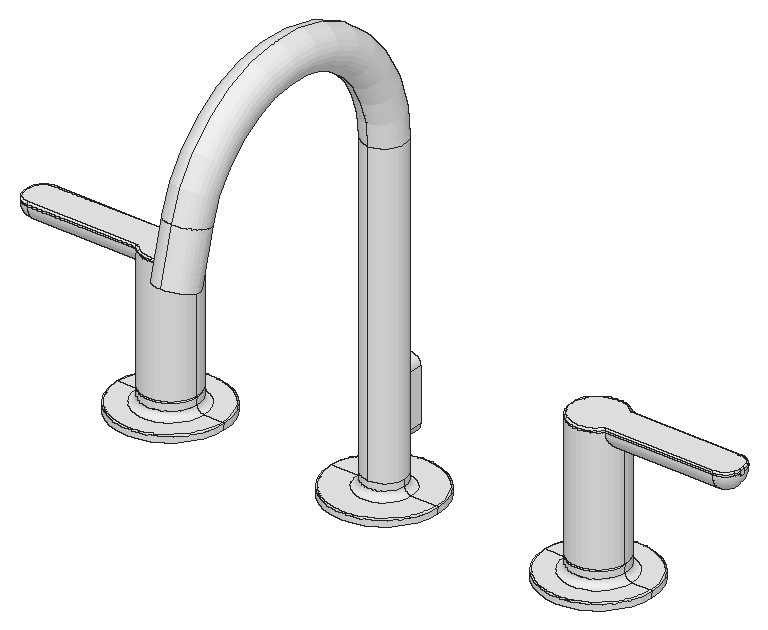
Revit family "xFaucet-Two_Handle-American_Standard-Studio_S-7105.8X1_Series", category Plumbing Fixtures, Revit 2014
Parameters (values of type "7105.801")
  Width = 4 7/8"  # constant formula
  Waste Connection = yes
  Warranty Information = "Limited Lifetime Function and Finish Warranty"  # constant formula
  WFU = 2  # constant formula
  Vent Connection = yes
  URL = "https://www.americanstandard-us.com/"
  Specification = "Two-handle widespread lavatory faucet shall feature cast brass valve bodies with flexible hose connections for 6\" to 12\" installations. Shall also feature 1/4 turn washerless ceramic disc valve cartridges. Shall also feature a metal drain body with stainless steel cable actuation."
  Product Page URL = "https://www.americanstandard-us.com/bathroom/bathroom-sink-faucets/studio-s-widespread-bathroom-faucet-31966"
  Product Documentation Link = "https://www.americanstandard-us.com/-/media/sites/asus/files/product-specs/bathroom-sink-faucets/2017/specsheet-7105801-7105821.pdf?la=en"
  Price = "Prices may vary. Please consult Manufacturer Representative for most up-to-date price list."  # constant formula
  Model = "7105.801"
  Material = "Brass-American Standard-002-Polished Chrome"
  Manufacturer = "American Standard"  # constant formula
  Lever Handles = yes
  Length = 8"
  Knob Handles = no
  Installation Type = "Deck Mounted"  # constant formula
  Hot Water Connection Radius = 1/4"  # constant formula
  Hot Water Connection Diameter = Hot Water Connection Radius * 2  # 1/2"
  Height = 8 11/16"  # constant formula
  HWFU = 1.5  # constant formula
  HW Connection = no
  Flow Rate = "1.2 gpm/ 4.5 L/min."  # constant formula
  Finish = Brass-American Standard-002-Polished Chrome
  Description = "Studio S Two-Handle Widespread Lavatory Faucet. Metal Speed Connect® pop-up drain. Metal lever handles."
  Default Elevation = 0"
  Creation Date = "01/03/2018"  # constant formula
  Cold Water Connection Radius = 1/4"  # constant formula
  Cold Water Connection Diameter = Cold Water Connection Radius * 2  # 1/2"
  CWFU = 1.5  # constant formula
  CW Connection = yes
  Assembly Code = "D2020300"
  ADA Compliant = yes
Types (3): name | Product Page URL | Model | Lever Handles | Knob Handles | Description
  (no name) | "https://www.americanstandard-us.com/bathroom/bathroom-sink-faucets/studio-s-widespread-bathroom-faucet-31966" | "7105.801" | yes | no | "Studio S Two-Handle Widespread Lavatory Faucet. Metal Speed Connect® pop-up drain. Metal lever handles."
  7105.801 | "https://www.americanstandard-us.com/bathroom/bathroom-sink-faucets/studio-s-widespread-bathroom-faucet-31966" | "7105.801" | yes | no | "Studio S Two-Handle Widespread Lavatory Faucet. Metal Speed Connect® pop-up drain. Metal lever handles."
  7105.821 | "https://www.americanstandard-us.com/bathroom/bathroom-sink-faucets/studio-s-widespread-bathroom-faucet-31969" | "7105.821" | no | yes | "Studio S Two-Handle Widespread Lavatory Faucet. Metal Speed Connect® pop-up drain. Metal knob handles."
Reference planes (in)
  plane 1 "Center (Front/Back)": y = 0
  plane 2: z = 0
  plane 3 "Center (Left/Right)": x = 0
  plane 4: x = 4
  plane 5: x = -4
  plane 6: y = -4.875
  plane 7: z = 8.6875
  plane 8: z = 5.5625
  plane 9: x = -1
  plane 10: x = 1
  plane 11: x = 6.6875
  plane 12: x = -6.6875
  plane 13: z = 2.75498
  plane 14: z = 2.07971
  plane 15: z = 0.77461
Forms (in)
  Sweep 1, solid, material "Brass-American Standard-002-Polished Chrome" <- "Finish"
    path origin (0, 0, 0) x (0, 1, 0) y (0, 0, 1)
      loop
        line (0, 0.375) -> (0, 5.97193)
        arc (0, 5.97193) -> (-2.03574, 8.29325) -> (-4.60292, 6.57792) r 2.34135
        line (-4.60292, 6.57792) -> (-4.86174, 5.61199)
    profile origin (0, 0, 3.17347) x (0, -1, 0) y (1, 0, 0)
      loop
        circle (0, 0) r 0.37586
  Revolve 2, solid, material "Brass-American Standard-002-Polished Chrome" <- "Finish"
    sketch origin (0, 0, 0) x (1, 0, 0) y (0, 0, 1)
      loop
        line (1, 0) -> (1, 0.10498)
        arc (1, 0.10498) -> (0.99414, 0.11914) -> (0.97998, 0.125) r 0.02002
        line (0.97998, 0.125) -> (0.50076, 0.125)
        arc (0.50076, 0.125) -> (0.41244, 0.16158) -> (0.37586, 0.24989) r 0.12489
        line (0.37586, 0.24989) -> (0.37586, 0.375) -> (0, 0.375) -> (0, 0) -> (1, 0)
      axis (0, 0.375) -> (0, 0)
    angle from 0 to 360
  Revolve 3, solid, material "Brass-American Standard-002-Polished Chrome" <- "Finish", visible <- "Lever Handles"
    sketch origin (4, 0, 0) x (1, 0, 0) y (0, 0, 1)
      loop
        line (1, 0) -> (1, 0.10498)
        arc (1, 0.10498) -> (0.99414, 0.11914) -> (0.97998, 0.125) r 0.02002
        line (0.97998, 0.125) -> (0.62576, 0.125)
        arc (0.62576, 0.125) -> (0.53744, 0.16158) -> (0.50086, 0.24989) r 0.12489
        line (0.50086, 0.24989) -> (0.50086, 0.375) -> (0.3919, 0.375) -> (0.3919, 0.40642) -> (0.50086, 0.40642) -> (0.50086, 2.69722) -> (0, 2.69722) -> (0, 0) -> (1, 0)
      axis (0, 2.69722) -> (0, 0)
    angle from 0 to 360
  Sweep 4, solid, material "Brass-American Standard-002-Polished Chrome" <- "Finish", visible <- "Lever Handles"
    path origin (0, 0, 0) x (1, 0, 0) y (0, 1, 0)
      loop
        line (4.37698, -0.32978) -> (6.40336, -0.32978)
        arc (6.40336, -0.32978) -> (6.55805, -0.28396) -> (6.66283, -0.1613) r 0.28404
        arc (6.66283, -0.1613) -> (6.68119, -0.10481) -> (6.6874, -0.04574) r 0.28404
        line (6.6874, -0.04574) -> (6.6874, 0.04574)
        arc (6.6874, 0.04574) -> (6.68119, 0.10481) -> (6.66283, 0.1613) r 0.28404
        arc (6.66283, 0.1613) -> (6.55805, 0.28396) -> (6.40336, 0.32978) r 0.28404
        line (6.40336, 0.32978) -> (4.37698, 0.32978)
        arc (4.37698, 0.32978) -> (3.82386, 0.46887) -> (3.49914, 0) r 0.50086
        arc (3.49914, 0) -> (3.82386, -0.46887) -> (4.37698, -0.32978) r 0.50086
    profile origin (5.39017, -0.32978, 0) x (0, 1, 0) y (0, 0, 1)
      loop
        line (0, 2.69722) -> (0.05828, 2.69722) -> (0.05828, 2.75498) -> (0.02478, 2.75498)
        arc (0.02478, 2.75498) -> (0.00726, 2.74772) -> (0, 2.73021) r 0.02478
        line (0, 2.73021) -> (0, 2.69722)
  Extrusion 5, solid, material "Brass-American Standard-002-Polished Chrome" <- "Finish", visible <- "Lever Handles"
    sketch origin (0, 0, -0.03125) x (1, 0, 0) y (0, 1, 0)
      loop
        arc (4.34952, 0.27149) -> (3.55742, 0) -> (4.34952, -0.27149) r 0.44258
        line (4.34952, -0.27149) -> (6.40336, -0.27149)
        arc (6.40336, -0.27149) -> (6.52631, -0.23508) -> (6.60959, -0.13759) r 0.22575
        arc (6.60959, -0.13759) -> (6.62418, -0.09269) -> (6.62912, -0.04574) r 0.22575
        line (6.62912, -0.04574) -> (6.62912, 0.04574)
        arc (6.62912, 0.04574) -> (6.62418, 0.09269) -> (6.60959, 0.13759) r 0.22575
        arc (6.60959, 0.13759) -> (6.52631, 0.23508) -> (6.40336, 0.27149) r 0.22575
        line (6.40336, 0.27149) -> (4.34952, 0.27149)
    from 2.72847 to 2.78623
  Revolve 6, solid, material "Brass-American Standard-002-Polished Chrome" <- "Finish", visible <- "Lever Handles"
    sketch origin (0, 0, -0.24223) x (1, 0, 0) y (0, 0, 1)
      loop
        arc (6.40336, 2.60968) -> (6.60421, 2.69287) -> (6.6874, 2.89372) r 0.28404
        line (6.6874, 2.89372) -> (6.6874, 2.93946) -> (4, 2.93946) -> (4, 2.60968) -> (6.40336, 2.60968)
      axis (4, 2.93946) -> (6.6874, 2.93946)
    angle from 90 to -90
  Revolve 7, solid, material "Brass-American Standard-002-Polished Chrome" <- "Finish", visible <- "Lever Handles"
    sketch origin (-4, 0, 0) x (-1, 0, 0) y (0, 0, 1)
      loop
        line (1, 0) -> (1, 0.10498)
        arc (1, 0.10498) -> (0.99414, 0.11914) -> (0.97998, 0.125) r 0.02002
        line (0.97998, 0.125) -> (0.62576, 0.125)
        arc (0.62576, 0.125) -> (0.53744, 0.16158) -> (0.50086, 0.24989) r 0.12489
        line (0.50086, 0.24989) -> (0.50086, 0.375) -> (0.3919, 0.375) -> (0.3919, 0.40642) -> (0.50086, 0.40642) -> (0.50086, 2.69722) -> (0, 2.69722) -> (0, 0) -> (1, 0)
      axis (0, 2.69722) -> (0, 0)
    angle from 0 to 360
  Sweep 8, solid, material "Brass-American Standard-002-Polished Chrome" <- "Finish", visible <- "Lever Handles"
    path origin (0, 0, 0) x (-1, 0, 0) y (0, 1, 0)
      loop
        line (4.37698, -0.32978) -> (6.40336, -0.32978)
        arc (6.40336, -0.32978) -> (6.55805, -0.28396) -> (6.66283, -0.1613) r 0.28404
        arc (6.66283, -0.1613) -> (6.68119, -0.10481) -> (6.6874, -0.04574) r 0.28404
        line (6.6874, -0.04574) -> (6.6874, 0.04574)
        arc (6.6874, 0.04574) -> (6.68119, 0.10481) -> (6.66283, 0.1613) r 0.28404
        arc (6.66283, 0.1613) -> (6.55805, 0.28396) -> (6.40336, 0.32978) r 0.28404
        line (6.40336, 0.32978) -> (4.37698, 0.32978)
        arc (4.37698, 0.32978) -> (3.82386, 0.46887) -> (3.49914, 0) r 0.50086
        arc (3.49914, 0) -> (3.82386, -0.46887) -> (4.37698, -0.32978) r 0.50086
    profile origin (-5.39017, -0.32978, 0) x (0, -1, 0) y (0, 0, 1)
      loop
        line (0, 2.69722) -> (0, 2.73021)
        arc (0, 2.73021) -> (-0.00726, 2.74772) -> (-0.02478, 2.75498) r 0.02478
        line (-0.02478, 2.75498) -> (-0.05828, 2.75498) -> (-0.05828, 2.69722) -> (0, 2.69722)
  Extrusion 9, solid, material "Brass-American Standard-002-Polished Chrome" <- "Finish", visible <- "Lever Handles"
    sketch origin (0, 0, -0.03125) x (-1, 0, 0) y (0, -1, 0)
      loop
        line (4.34952, -0.27149) -> (6.40336, -0.27149)
        arc (6.40336, -0.27149) -> (6.52631, -0.23508) -> (6.60959, -0.13759) r 0.22575
        arc (6.60959, -0.13759) -> (6.62418, -0.09269) -> (6.62912, -0.04574) r 0.22575
        line (6.62912, -0.04574) -> (6.62912, 0.04574)
        arc (6.62912, 0.04574) -> (6.62418, 0.09269) -> (6.60959, 0.13759) r 0.22575
        arc (6.60959, 0.13759) -> (6.52631, 0.23508) -> (6.40336, 0.27149) r 0.22575
        line (6.40336, 0.27149) -> (4.34952, 0.27149)
        arc (4.34952, 0.27149) -> (3.55742, 0) -> (4.34952, -0.27149) r 0.44258
    from 2.72847 to 2.78623
  Revolve 10, solid, material "Brass-American Standard-002-Polished Chrome" <- "Finish", visible <- "Lever Handles"
    sketch origin (0, 0, -0.24223) x (-1, 0, 0) y (0, 0, -1)
      loop
        line (6.40336, -2.60968) -> (4, -2.60968) -> (4, -2.93946) -> (6.6874, -2.93946) -> (6.6874, -2.89372)
        arc (6.6874, -2.89372) -> (6.60421, -2.69287) -> (6.40336, -2.60968) r 0.28404
      axis (4, -2.93946) -> (6.6874, -2.93946)
    angle from 90 to -90
  Extrusion 11, solid, material "Brass-American Standard-002-Polished Chrome" <- "Finish"
    sketch origin (0, 0, 0) x (1, 0, 0) y (0, 0, 1)
      loop
        arc (0.16462, 1.91509) -> (0, 2.07971) -> (-0.16462, 1.91509) r 0.16462
        line (-0.16462, 1.91509) -> (-0.16462, 0.93923)
        arc (-0.16462, 0.93923) -> (0, 0.77461) -> (0.16462, 0.93923) r 0.16462
        line (0.16462, 0.93923) -> (0.16462, 1.91509)
    from -0.63588 to 0
  Revolve 12, solid, material "Brass-American Standard-002-Polished Chrome" <- "Finish"
    sketch origin (0, 0, 0) x (0, 1, 0) y (0, 0, 1)
      loop
        line (-4.875, 5.5625) -> (-4.86174, 5.61199) -> (-5.11634, 5.68021)
        arc (-5.11634, 5.68021) -> (-5.00176, 5.60887) -> (-4.875, 5.5625) r 0.65566
      axis (-4.86174, 5.61199) -> (-4.875, 5.5625)
    angle from 0 to 360
  Revolve 13, solid, material "Brass-American Standard-002-Polished Chrome" <- "Finish", visible <- "Knob Handles"
    sketch origin (0, 0, -3.8662) x (1, 0, 0) y (0, 0, 1)
      loop
        line (-5, 3.8662) -> (-4, 3.8662) -> (-4, 6.56343) -> (-4.45247, 6.56343)
        arc (-4.45247, 6.56343) -> (-4.48669, 6.54925) -> (-4.50086, 6.51503) r 0.04839
        line (-4.50086, 6.51503) -> (-4.50086, 4.27262) -> (-4.3919, 4.27262) -> (-4.3919, 4.2412) -> (-4.50086, 4.2412) -> (-4.50086, 4.1161)
        arc (-4.50086, 4.1161) -> (-4.53744, 4.02779) -> (-4.62576, 3.9912) r 0.12489
        line (-4.62576, 3.9912) -> (-4.97998, 3.9912)
        arc (-4.97998, 3.9912) -> (-4.99414, 3.98534) -> (-5, 3.97119) r 0.02002
        line (-5, 3.97119) -> (-5, 3.8662)
      axis (-4, 6.56343) -> (-4, 3.8662)
    angle from 0 to 360
  Revolve 14, void
    sketch origin (0, 0, -3.3662) x (1, 0, 0) y (0, 0, 1)
      loop
        line (-4.50086, 6.11145) -> (-4.50086, 4.58334)
        arc (-4.50086, 4.58334) -> (-4.4048, 4.61266) -> (-4.3634, 4.70417) r 0.12183
        line (-4.3634, 4.70417) -> (-4.3634, 6.11145) -> (-4.50086, 6.11145)
      axis (-4.50086, 6.11145) -> (-4.50086, 4.58334)
    angle from 0 to 360
  Revolve 15, solid, material "Brass-American Standard-002-Polished Chrome" <- "Finish", visible <- "Knob Handles"
    sketch origin (0, 0, -3.8662) x (-1, 0, 0) y (0, 0, 1)
      loop
        line (-5, 3.8662) -> (-4, 3.8662) -> (-4, 6.56343) -> (-4.45247, 6.56343)
        arc (-4.45247, 6.56343) -> (-4.48669, 6.54925) -> (-4.50086, 6.51503) r 0.04839
        line (-4.50086, 6.51503) -> (-4.50086, 4.27262) -> (-4.3919, 4.27262) -> (-4.3919, 4.2412) -> (-4.50086, 4.2412) -> (-4.50086, 4.1161)
        arc (-4.50086, 4.1161) -> (-4.53744, 4.02779) -> (-4.62576, 3.9912) r 0.12489
        line (-4.62576, 3.9912) -> (-4.97998, 3.9912)
        arc (-4.97998, 3.9912) -> (-4.99414, 3.98534) -> (-5, 3.97119) r 0.02002
        line (-5, 3.97119) -> (-5, 3.8662)
      axis (-4, 6.56343) -> (-4, 3.8662)
    angle from 0 to 360
  Revolve 16, void
    sketch origin (0, 0, -3.3662) x (-1, 0, 0) y (0, 0, 1)
      loop
        line (-4.50086, 6.11145) -> (-4.50086, 4.58334)
        arc (-4.50086, 4.58334) -> (-4.4048, 4.61266) -> (-4.3634, 4.70417) r 0.12183
        line (-4.3634, 4.70417) -> (-4.3634, 6.11145) -> (-4.50086, 6.11145)
      axis (-4.50086, 6.11145) -> (-4.50086, 4.58334)
    angle from 0 to 360
Cuts and joins
  joined: Revolve 3, Sweep 4, Extrusion 5, Revolve 6, Revolve 7, Sweep 8, Extrusion 9, Revolve 10
  Revolve 14, Revolve 16 cuts Revolve 13
  Revolve 16 cuts Revolve 15
  joined: Sweep 1, Revolve 2, Extrusion 11, Revolve 12
Lines and regions (in)
  Masking region 1, visible <- "Lever Handles"
    outline origin (0, 0, 0) x (1, 0, 0) y (0, 1, 0)
      loop
        arc (4.94403, 0.32985) -> (3, -0.00004) -> (4.94406, -0.32978) r 1
        line (4.94406, -0.32978) -> (6.41468, -0.32978)
        arc (6.41468, -0.32978) -> (6.60797, -0.24573) -> (6.6875, -0.05054) r 0.27932
        line (6.6875, -0.05054) -> (6.6875, 0.05054)
        arc (6.6875, 0.05054) -> (6.60569, 0.24804) -> (6.40818, 0.32985) r 0.27932
        line (6.40818, 0.32985) -> (4.94403, 0.32985)
      loop
        line (-4.94406, 0.32977) -> (-6.40845, 0.32977)
        arc (-6.40845, 0.32977) -> (-6.60587, 0.24799) -> (-6.68764, 0.05058) r 0.27919
        line (-6.68764, 0.05058) -> (-6.68764, -0.05054)
        arc (-6.68764, -0.05054) -> (-6.60849, -0.24538) -> (-6.41587, -0.32982) r 0.27939
        line (-6.41587, -0.32982) -> (-4.94404, -0.32982)
        arc (-4.94404, -0.32982) -> (-3, 0.00003) -> (-4.94406, 0.32977) r 1
  Masking region 2
    outline origin (0, 0, 0) x (1, 0, 0) y (0, 1, 0)
      loop
        arc (0.37586, -0.92668) -> (0, 1) -> (-0.37586, -0.92668) r 1
        line (-0.37586, -0.92668) -> (-0.37586, -4.86174)
        spline (-0.37586, -4.86174) -> (-0.36306, -4.9557) -> (-0.32551, -5.04327) -> (-0.26578, -5.11846) -> (-0.18793, -5.17615) -> (-0.09728, -5.21242) -> (0, -5.22479) -> (0.09728, -5.21242) -> (0.18793, -5.17615) -> (0.26578, -5.11846) -> (0.32551, -5.04327) -> (0.36306, -4.9557) -> (0.37586, -4.86174)
        line (0.37586, -4.86174) -> (0.37586, -0.92668)
  Masking region 3, visible <- "Knob Handles"
    outline origin (0, 0, 0) x (1, 0, 0) y (0, 1, 0)
      loop
        circle (-4, -0.00001) r 1
      loop
        circle (4, 0) r 1
  symbolic lines, visible <- "Lever Handles", detail levels medium+fine
    curve 1: line (4.94403, 0.32985, 0) -> (4.37701, 0.32985, 0)
    curve 2: line (4.94406, -0.32978, 0) -> (4.37701, -0.32978, 0)
    curve 3: arc (4.37701, 0.32985, 0) -> (3.49914, 0.00004, 0) -> (4.37701, -0.32978, 0) r 0.50089
    curve 4: line (-4.94406, 0.32977, 0) -> (-4.37728, 0.32977, 0)
    curve 5: line (-4.94404, -0.32982, 0) -> (-4.37728, -0.32982, 0)
    curve 6: arc (-4.37728, 0.32977, 0) -> (-3.49914, -0.00003, 0) -> (-4.37728, -0.32982, 0) r 0.501
  symbolic lines, detail levels medium+fine
    curve 7: line (-0.37586, -0.92668, 0) -> (-0.37586, 0, 0)
    curve 8: line (0.37586, -0.92668, 0) -> (0.37586, 0, 0)
    curve 9: arc (-0.37586, 0, 0) -> (0, 0.37586, 0) -> (0.37586, 0, 0) r 0.37586
  symbolic lines, detail levels fine
    curve 10: line (0.16462, 0.63588, 0) -> (-0.16462, 0.63588, 0)
    curve 11: line (0.16462, 0.63588, 0) -> (0.16462, 0.33789, 0)
    curve 12: line (-0.16462, 0.63588, 0) -> (-0.16462, 0.33789, 0)
  symbolic lines, visible <- "Knob Handles", detail levels medium+fine
    curve 13: circle (-4, 0, 0) r 0.50086 normal (0, 0, -1)
    curve 14: circle (4, 0, 0) r 0.50086 normal (0, 0, 1)
  symbolic lines, visible <- "Knob Handles", detail levels fine
    curve 15: arc (-4.482, -0.13616, 0) -> (-4.3634, 0, 0) -> (-4.482, 0.13616, 0) r 0.13746
    curve 16: arc (4.482, -0.13616, 0) -> (4.3634, 0, 0) -> (4.482, 0.13616, 0) r 0.13746
Dimensions and locks (in)
  "Width": plane 1 "Center (Front/Back)" to plane 6
  "Height": plane 7 to plane 2
  plane 8 to plane 2 = 5 9/16"
  plane 13 to plane 2 = 2.75498"
  equal spacing: plane 4, plane 3 "Center (Left/Right)", plane 5
  locked: plane 11 to plane 4 at 2.6875
  locked: plane 5 to plane 12 at 2.6875
  "Length": plane 4 to plane 5
  aligned and locked: Masking region 1 sketch curve to plane 11
  aligned and locked: Masking region 3 sketch curve to Masking region 1  (x2)
  aligned and locked: curve 13 to cut or joined group of Revolve 13, Revolve 14, Revolve 16
  aligned and locked: curve 15 to cut or joined group of Revolve 13, Revolve 14, Revolve 16
  aligned and locked: curve 16 to cut or joined group of Revolve 15, Revolve 16
Automatic sketch dimensions
  Sweep 1 sketch curve to plane 1 "Center (Front/Back)" = 0"
  plane 8 to Sweep 1 sketch curve = 0.40943"
  plane 1 "Center (Front/Back)" to Sweep 1 sketch curve = 2.34135"
  Sweep 1 sketch curve to plane 6 = 0.27208"
  Sweep 1 sketch curve to plane 6 = 0.01326"
  plane 8 to Sweep 1 sketch curve = 0.04949"
  level to Sweep 1 sketch curve = 3/8"
  Sweep 1 sketch curve to plane 3 "Center (Left/Right)" = 0"
  Sweep 1 sketch curve to profile plane = 0"
  Revolve 2 sketch curve to plane 3 "Center (Left/Right)" = 0"  (x2)
  Revolve 2 sketch curve to level = 0"
  Revolve 2 sketch curve to plane 10 = 0"
  level to Revolve 2 sketch curve = 0.24989"
  plane 3 "Center (Left/Right)" to Revolve 2 sketch curve = 0.37586"
  Revolve 2 sketch curve to Revolve 2 sketch curve = 0.12489"
  Revolve 2 sketch curve to Revolve 2 sketch curve = 0.02002"
  Revolve 2 sketch curve to Revolve 2 sketch curve = 3/8"
  Revolve 2 sketch curve to level = 0.37689"
  plane 13 to Revolve 2 sketch curve = 0.13187"
  Revolve 3 sketch curve to plane 4 = 0"  (x2)
  Revolve 3 sketch curve to level = 0"
  plane 4 to Revolve 3 sketch curve = 0.3919"
  Revolve 3 sketch curve to Revolve 3 sketch curve = 0.10896"
  Revolve 3 sketch curve to Revolve 3 sketch curve = 0"
  Revolve 3 sketch curve to Revolve 3 sketch curve = 0.12489"
  level to Revolve 3 sketch curve = 0.10498"
  Revolve 3 sketch curve to Revolve 3 sketch curve = 0.35422"
  Revolve 3 sketch curve to Revolve 3 sketch curve = 0.02002"
  Revolve 3 sketch curve to Revolve 3 sketch curve = 0.12511"
  Revolve 3 sketch curve to Revolve 3 sketch curve = 0.03142"
  plane 13 to Revolve 3 sketch curve = 0.05776"
  Revolve 3 sketch curve to level = 0.37689"
  Revolve 3 sketch curve to Revolve 3 sketch curve = 0.07411"
  Sweep 4 sketch curve to Sweep 4 sketch curve = 0"  (x6)
  plane 1 "Center (Front/Back)" to Sweep 4 sketch curve = 0"
  Sweep 4 sketch curve to plane 4 = 0"
  plane 4 to Sweep 4 sketch curve = 0.37698"  (x2)
  Sweep 4 sketch curve to plane 11 = 0.28414"  (x2)
  Sweep 4 sketch curve to plane 11 = 0.0001"
  plane 1 "Center (Front/Back)" to Sweep 4 sketch curve = 0.04574"
  Sweep 4 sketch curve to plane 11 = 0.02467"  (x2)
  Sweep 4 sketch curve to profile plane = 0"
  Sweep 4 sketch curve to Sweep 4 sketch curve = 0.02478"
  Sweep 4 sketch curve to Sweep 4 sketch curve = 0.03351"
  level to Sweep 4 sketch curve = 2.69722"
  Sweep 4 sketch curve to Sweep 4 sketch curve = 0.03298"
  Extrusion 5 sketch curve to Extrusion 5 sketch curve = 0"  (x4)
  plane 1 "Center (Front/Back)" to Extrusion 5 sketch curve = 0"
  Extrusion 5 sketch curve to plane 4 = 0"
  plane 4 to Extrusion 5 sketch curve = 0.34952"  (x2)
  Extrusion 5 sketch curve to plane 11 = 0.28414"  (x2)
  Extrusion 5 sketch curve to plane 11 = 0.05838"
  plane 1 "Center (Front/Back)" to Extrusion 5 sketch curve = 0.04574"
  Extrusion 5 sketch curve to plane 11 = 0.07791"  (x2)
  Revolve 6 sketch curve to plane 4 = 0"
  plane 13 to Revolve 6 sketch curve = 0.1035"
  Revolve 6 sketch curve to plane 11 = 0.28414"
  Revolve 6 sketch curve to plane 11 = 0.0001"
  plane 13 to Revolve 6 sketch curve = 0.05776"  (x2)
  Revolve 6 sketch curve to plane 4 = 0.50086"
  plane 4 to Revolve 6 sketch curve = 0.99914"
  Revolve 7 sketch curve to plane 5 = 0"  (x2)
  Revolve 7 sketch curve to level = 0"
  plane 5 to Revolve 7 sketch curve = 0.3919"
  Revolve 7 sketch curve to Revolve 7 sketch curve = 0.10896"
  Revolve 7 sketch curve to Revolve 7 sketch curve = 0"
  Revolve 7 sketch curve to Revolve 7 sketch curve = 0.12489"
  Revolve 7 sketch curve to level = 0.10498"
  Revolve 7 sketch curve to Revolve 7 sketch curve = 0.35422"
  Revolve 7 sketch curve to Revolve 7 sketch curve = 0.02002"
  Revolve 7 sketch curve to Revolve 7 sketch curve = 0.12511"
  Revolve 7 sketch curve to Revolve 7 sketch curve = 0.03142"
  Revolve 7 sketch curve to plane 13 = 0.05776"
  level to Revolve 7 sketch curve = 0.37689"
  Revolve 7 sketch curve to Revolve 7 sketch curve = 0.07411"
  Sweep 8 sketch curve to Sweep 8 sketch curve = 0"  (x6)
  plane 1 "Center (Front/Back)" to Sweep 8 sketch curve = 0"
  Sweep 8 sketch curve to plane 5 = 0"
  plane 5 to Sweep 8 sketch curve = 0.37698"  (x2)
  Sweep 8 sketch curve to plane 12 = 0.28414"  (x2)
  Sweep 8 sketch curve to plane 12 = 0.0001"
  Sweep 8 sketch curve to plane 1 "Center (Front/Back)" = 0.04574"
  Sweep 8 sketch curve to plane 12 = 0.02467"  (x2)
  Sweep 8 sketch curve to profile plane = 0"
  Sweep 8 sketch curve to Sweep 8 sketch curve = 0.02478"
  Sweep 8 sketch curve to Sweep 8 sketch curve = 0.03351"
  level to Sweep 8 sketch curve = 2.69722"
  Sweep 8 sketch curve to Sweep 8 sketch curve = 0.03298"
  Extrusion 9 sketch curve to Extrusion 9 sketch curve = 0"  (x4)
  plane 1 "Center (Front/Back)" to Extrusion 9 sketch curve = 0"
  Extrusion 9 sketch curve to plane 5 = 0"
  Extrusion 9 sketch curve to plane 5 = 0.34952"  (x2)
  plane 12 to Extrusion 9 sketch curve = 0.28414"  (x2)
  plane 12 to Extrusion 9 sketch curve = 0.05838"
  Extrusion 9 sketch curve to plane 1 "Center (Front/Back)" = 0.04574"
  plane 12 to Extrusion 9 sketch curve = 0.07791"  (x2)
  Revolve 10 sketch curve to plane 5 = 0"
  plane 13 to Revolve 10 sketch curve = 0.1035"
  plane 12 to Revolve 10 sketch curve = 0.28414"
  plane 12 to Revolve 10 sketch curve = 0.0001"
  plane 13 to Revolve 10 sketch curve = 0.05776"  (x2)
  plane 5 to Revolve 10 sketch curve = 0.50086"
  Revolve 10 sketch curve to Revolve 10 sketch curve = 0.99914"
  Extrusion 11 sketch curve to plane 3 "Center (Left/Right)" = 0"
  Extrusion 11 sketch curve to Extrusion 11 sketch curve = 0.16462"
  plane 15 to Extrusion 11 sketch curve = 0.16462"
  Extrusion 11 sketch curve to plane 14 = 0.16462"
  Revolve 12 sketch curve to plane 6 = 0"  (x2)
  Revolve 12 sketch curve to plane 8 = 0"  (x2)
  plane 8 to Revolve 12 sketch curve = 0.11771"
  plane 6 to Revolve 12 sketch curve = 0.24134"
  Revolve 12 sketch curve to plane 6 = 0.01326"
  Revolve 12 sketch curve to plane 6 = 0.16066"
  Revolve 12 sketch curve to Revolve 12 sketch curve = 0"  (x2)
  plane 1 "Center (Front/Back)" to Masking region 1 sketch curve = 0"  (x2)
  Masking region 1 sketch curve to plane 5 = 0"
  Masking region 1 sketch curve to plane 4 = 0"
  plane 1 "Center (Front/Back)" to Masking region 1 sketch curve = 0.32982"
  Masking region 1 sketch curve to plane 5 = 0.94404"
  Masking region 1 sketch curve to plane 1 "Center (Front/Back)" = 0.32977"
  plane 1 "Center (Front/Back)" to Masking region 1 sketch curve = 0.05054"  (x2)
  plane 12 to Masking region 1 sketch curve = 0.27925"
  plane 12 to Masking region 1 sketch curve = 0.27905"
  plane 12 to Masking region 1 sketch curve = 0.27163"
  Masking region 1 sketch curve to plane 1 "Center (Front/Back)" = 0.32985"
  plane 4 to Masking region 1 sketch curve = 0.94403"
  plane 1 "Center (Front/Back)" to Masking region 1 sketch curve = 0.32978"
  Masking region 1 sketch curve to Masking region 1 sketch curve = 0.27932"
  Masking region 1 sketch curve to plane 1 "Center (Front/Back)" = 0.05054"
  Revolve 13 sketch curve to plane 5 = 0"  (x2)
  Revolve 13 sketch curve to plane 5 = 0.3919"
  Revolve 13 sketch curve to Revolve 13 sketch curve = 0.45247"
  Revolve 13 sketch curve to Revolve 13 sketch curve = 0.10896"
  Revolve 13 sketch curve to Revolve 13 sketch curve = 0"
  Revolve 13 sketch curve to Revolve 13 sketch curve = 0.12489"
  Revolve 13 sketch curve to Revolve 13 sketch curve = 0.35422"
  Revolve 13 sketch curve to Revolve 13 sketch curve = 0.02002"
  plane 13 to Revolve 13 sketch curve = 2.75498"
  Revolve 13 sketch curve to Revolve 13 sketch curve = 0.10498"
  Revolve 13 sketch curve to Revolve 13 sketch curve = 0.12511"
  Revolve 13 sketch curve to Revolve 13 sketch curve = 0.03142"
  Revolve 13 sketch curve to plane 8 = 2.91367"
  Revolve 13 sketch curve to Revolve 13 sketch curve = 0.11122"
  Revolve 13 sketch curve to Revolve 13 sketch curve = 0.13878"
  Revolve 14 sketch curve to plane 5 = 0.50086"
  Revolve 14 sketch curve to Revolve 14 sketch curve = 1/64"
  Revolve 14 sketch curve to Revolve 14 sketch curve = 0.13746"
  Revolve 14 sketch curve to plane 8 = 4.34536"
  Revolve 14 sketch curve to plane 8 = 2.81725"
  Revolve 14 sketch curve to Revolve 14 sketch curve = 0"
  Revolve 14 sketch curve to Revolve 14 sketch curve = 0.16117"
  Revolve 14 sketch curve to Revolve 14 sketch curve = 0.09962"
  Revolve 15 sketch curve to plane 4 = 0"  (x2)
  Revolve 15 sketch curve to plane 4 = 0.3919"
  Revolve 15 sketch curve to plane 4 = 0.45247"
  Revolve 15 sketch curve to Revolve 15 sketch curve = 0.10896"
  Revolve 15 sketch curve to Revolve 15 sketch curve = 0"
  Revolve 15 sketch curve to Revolve 15 sketch curve = 0.12489"
  Revolve 15 sketch curve to Revolve 15 sketch curve = 0.35422"
  Revolve 15 sketch curve to Revolve 15 sketch curve = 0.02002"
  Revolve 15 sketch curve to plane 13 = 2.75498"
  Revolve 15 sketch curve to Revolve 15 sketch curve = 0.10498"
  Revolve 15 sketch curve to Revolve 15 sketch curve = 0.12511"
  Revolve 15 sketch curve to Revolve 15 sketch curve = 0.03142"
  plane 8 to Revolve 15 sketch curve = 2.91367"
  Revolve 15 sketch curve to Revolve 15 sketch curve = 0.11122"
  Revolve 15 sketch curve to Revolve 15 sketch curve = 0.13878"
  Revolve 16 sketch curve to plane 4 = 0.50086"
  Revolve 16 sketch curve to Revolve 16 sketch curve = 1/64"
  Revolve 16 sketch curve to Revolve 16 sketch curve = 0.13746"
  plane 8 to Revolve 16 sketch curve = 4.34536"
  plane 8 to Revolve 16 sketch curve = 2.81725"
  Revolve 16 sketch curve to Revolve 16 sketch curve = 0"
  Revolve 16 sketch curve to Revolve 16 sketch curve = 0.16117"
  Revolve 16 sketch curve to Revolve 16 sketch curve = 0.09962"
  Masking region 2 sketch curve to plane 3 "Center (Left/Right)" = 0"  (x2)
  plane 1 "Center (Front/Back)" to Masking region 2 sketch curve = 0"
  Masking region 2 sketch curve to plane 3 "Center (Left/Right)" = 0.37586"
  plane 1 "Center (Front/Back)" to Masking region 2 sketch curve = 0.92668"
  Masking region 2 sketch curve to plane 6 = 0.01326"
  plane 1 "Center (Front/Back)" to Masking region 3 sketch curve = 0.32982"
  Masking region 3 sketch curve to Masking region 3 sketch curve = 0"
  plane 1 "Center (Front/Back)" to curve 9 = 0"
  curve 9 to plane 3 "Center (Left/Right)" = 0"
  plane 1 "Center (Front/Back)" to curve 14 = 0"
  curve 14 to plane 4 = 0"
  curve 15 to curve 5 = 0.10472"
  curve 15 to curve 4 = 0.10472"
  plane 1 "Center (Front/Back)" to curve 6 = 0.00003"
  curve 6 to plane 5 = 0.00014"
  curve 7 to plane 3 "Center (Left/Right)" = 0.37586"
  curve 12 to plane 3 "Center (Left/Right)" = 0.16462"
  plane 3 "Center (Left/Right)" to curve 11 = 0.16462"
  plane 4 to curve 3 = 0.00003"
  curve 2 to curve 16 = 0.12385"
  curve 1 to curve 16 = 0.12385"
  plane 1 "Center (Front/Back)" to curve 2 = 0.32978"
  curve 5 to curve 15 = 0.19366"
  curve 3 to plane 1 "Center (Front/Back)" = 0.00004"
  curve 12 to curve 12 = 0.29798"
  curve 5 to curve 15 = 0.46204"
  curve 4 to curve 15 = 0.46206"
  curve 16 to plane 1 "Center (Front/Back)" = 0.13616"
  curve 16 to curve 1 = 0.46203"
  curve 16 to curve 2 = 0.46206"
  curve 8 to curve 8 = 0.92668"
  curve 7 to curve 8 = 0"
  radius of Sweep 1 sketch curve = 0.37586"
Connectors (in)
  piping at (4, 0, 0), diameter 0.5, driven by "CWFU", driven by "Cold Water Connection Diameter"
    settings: on cut or joined group of Revolve 3, Sweep 4, Extrusion 5, Revolve 6, Revolve 7, Sweep 8, Extrusion 9, Revolve 10, index 1, connector inside diameter 24", connector length 0", flow factor 0, pipe flow 0 GPM, pressure drop 0.00 psi, fitting loss kfactor 0, connector angle 0.00°, fixture units 1.5, engagement length 0", angle of deflection 0.00°, flow configuration 3, flow direction 1, fitting loss method 0, system type 20, joint type 0, gender type 0, connector reference index -1, connector utility 0, adjustable connector no, is connector primary yes, connector description "1/2\" CW Suply Inlet"
  piping at (-4, 0, 0), diameter 0.5, driven by "HWFU", driven by "Hot Water Connection Diameter"
    settings: on cut or joined group of Revolve 3, Sweep 4, Extrusion 5, Revolve 6, Revolve 7, Sweep 8, Extrusion 9, Revolve 10, index 2, connector inside diameter 24", connector length 0", flow factor 0, pipe flow 0 GPM, pressure drop 0.00 psi, fitting loss kfactor 0, connector angle 0.00°, fixture units 1.5, engagement length 0", angle of deflection 0.00°, flow configuration 3, flow direction 1, fitting loss method 0, system type 19, joint type 0, gender type 0, connector reference index -1, connector utility 0, adjustable connector no, is connector primary no, connector description "1/2\" HW Supply Inlet"
